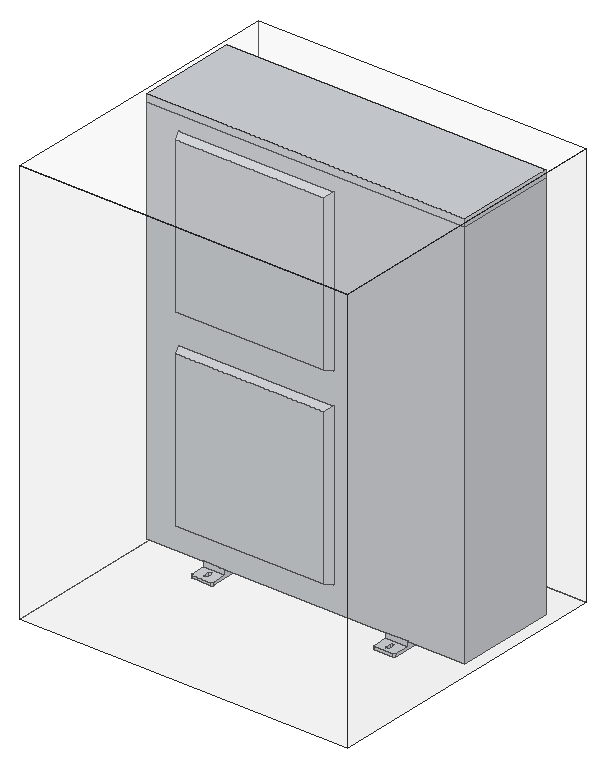
Revit family "puz-dhrmp80_140ka_50Hz", category 機械設備, Revit 2019
Family settings
  丸型コネクタ寸法 = 直径を使用
  パーツ タイプ = 標準
  OmniClass 番号 = 23.75.10.24.21.27.27
  OmniClass タイトル = Split System Air Conditioning Units
  作業面ベース = いいえ
  常に垂直 = はい
  ロード時にボイドで切り取り = いいえ
  共有 = いいえ
  部屋計算ポイント = いいえ
Parameters (values of type "PUZ-DHRMP140KA")
  音響パワーレベル（冷）(dB) = 68
  音響パワーレベル(dB) = 69
  電源種別 = ""
  電源位置Y = 2 mm
  電源位置Z = 1063 mm
  電源位置X = 325 mm
  電圧 = 200 V
  電動機出力_送風機 = 0.12 kW
  電動機出力_圧縮機 = 2.7 kW
  集中コントローラ [instance] = ""
  運転質量 = 0.00 kg
  運転方法 = "冷暖切替"
  質量 = if(製品質量 > 運転質量, 製品質量, 運転質量) * 1.2  # 138.00 kg
  負荷分類 = 1_熱源類
  説明 = "空冷H/P PAC インバータ室外機"
  設計暖房能力 [instance] = 0 kW
  設計冷房能力_顕熱 [instance] = 0 kW
  設計冷房能力 [instance] = 0 kW
  設置方法 = "床置形"
  記号 [instance] = ""
  製造元 = "三菱電機株式会社"
  製品質量 = 115.00 kg
  製品出荷対象 = "国内"
  製品リリース年月 = "2022/10/11"
  製品グループ = ""
  系統 [instance] = ""
  符号 = "PAC"
  積算_科目 = "1 空気調和設備"
  積算_拾い区分 [instance] = ""
  相 = 3
  盤記号 [instance] = ""
  発停方法 = "付属スイッチ"
  特殊仕様 [instance] = ""
  消費電力_暖房 = 3.82 kW
  消費電力_冷房 = 3.69 kW
  消費電力 = if(消費電力_冷房 > 消費電力_暖房, 消費電力_冷房, 消費電力_暖房)  # 3.82 kW
  法定耐用年数 = "6"
  構成品番 = "PUZ-DHRMP140KA"
  極数 = 3
  材質 [instance] = ""
  本体マテリアル = none
  最小電線太さ_mm2 = 1.6
  最大電流値 = 0 A
  暖房能力 = 14 kW
  推奨ブレーカー容量 = 40 A
  据付ピッチ1 = 0 mm
  形式 = "パッケージ形 室外機"
  形名 = PUZ-ZRMP-3 : PUZ-ZRMP112KA11
  幹線記号 [instance] = ""
  始動方式 = "インバータ始動方式"
  呼称 = "パッケージ形空気調和機_室外機"
  周波数 = 50 Hz
  価格 = 1171000
  ドレン　位置Z = 23 mm
  ドレン　位置Y = 176 mm
  ドレン　位置X = 45 mm
  アンカーボルト位置Y = 370 mm
  アンカーボルト位置X = 600 mm
  参照している仕様書等のバージョン = "公共建築物標準仕様書（機械設備工事編）平成31年度版"
  分類コード = "50053003126100"
  分類グループ = ""
  冷房能力 = 12.5 kW
  冷媒管（ガス）位置X = 483 mm
  冷媒管（液）位置X = 423 mm
  冷媒管（液）位置Y = 290 mm
  冷媒管（ガス）位置Y = 234 mm
  冷媒管長 [instance] = 0 mm
  冷媒管径符号 = "Bd"
  冷媒管径 = 100.00 mm
  冷媒管位置Z = 450 mm
  冷媒管位置Y = (冷媒管（液）位置Y + 冷媒管（ガス）位置Y) / 2  # 262 mm
  冷媒管位置X = (冷媒管（液）位置X + 冷媒管（ガス）位置X) / 2  # 453 mm
  冷媒液管径 = 9.52 mm
  冷媒ガス管径 = 15.88 mm
  企業コード = "108420"
  付属品 [instance] = ""
  仕様書バージョン = "Version1.0"
  ユニット数 = 1
  Model = ""
  ドレン管径 = 33.00 mm
  サービススペース = yes
  コメント [instance] = ""
  ケーブル種類1 = ""
  Width = 1050 mm
  Version = ""
  Uniclass2015Version = "Systems v1.9"
  Uniclass2015Title = "Split coil remote air cooled condensing units"
  Uniclass2015Code = "Pr_70_65_03_84"
  URL = "https://www.mitsubishielectric.co.jp/ldg/wink/ssl/displayProduct.do?pid=323623"
  SpecificationReference = ""
  SpecificationDescription = ""
  Revision = ""
  ProductInformation = ""
  OmniClassCode = "23-33 17 13 11"
  IfcTypeProduct = ""
  IfcProduct = ""
  IfcExportType = "AIRCONDITIONINGUNIT"
  IfcExportAs = "IfcUnitaryEquipmentType"
  Height = 1338 mm
  Depth = 330 mm
  Clearance Top = 0 mm
  Clearance Right = 15 mm
  Clearance Left = 15 mm
  Clearance Front = 500 mm
  Clearance Bottom = 0 mm
  Clearance Back = 150 mm
  COP = 0
  Author = "三菱電機株式会社"
  APF = 0
Reference planes
  plane 1 "中心(正面/背面)": y = 74
  plane 2: z = 0
  plane 3 "中心(左/右)": x = 830
  plane 4 "右": x = 1355
  plane 5 "左": x = 305
  plane 6 "背面": y = 239
  plane 7 "正面": y = -91
  plane 8 "上部": z = 1338
  plane 9 "Clearanse Top": z = 1338
  plane 10 "SS_back": y = 389
  plane 11 "SS_front": y = -591
  plane 12 "SS_left": x = 290
  plane 13 "SS_right": x = 1370
  plane 14: z = 0
  plane 15: y = -89
  plane 16: x = 1155
  plane 17: z = 1063
  plane 18: y = -87
  plane 19: y = -23
  plane 20: x = 1283
  plane 21: z = 450
  plane 22: z = 452
  plane 23: y = 63
  plane 24: x = 350
  plane 25: z = 25
  plane 26: z = 23
  plane 27: x = 530
  plane 28: x = 1130
  plane 29: y = 259
  plane 30: y = -111
Forms (mm)
  Extrusion 1, solid, detail levels fine
    sketch origin (0, -91, 0) x (1, 0, 0) y (0, 0, 1)
      loop
        circle (1155, 1063) r 13.5
    from -4 to -2
  Extrusion 2, solid, detail levels fine
    sketch origin (-1437.329, -1524, 54) x (-1, 0, 0) y (0, -1, 0)
      loop
        circle (-2720.329, -1501) r 50
    from 396 to 398
  Extrusion 3, solid, detail levels fine
    sketch origin (-1437.329, -1524, 54) x (-1, 0, 0) y (0, -1, 0)
      loop
        circle (-1787.329, -1587) r 16.5
    from -31 to -29
Lines and regions (mm)
  model lines, not visible
    curve 1: line (460, 178.667, 1289.179) -> (460, 297.73, 1289.179)
    curve 2: line (460, 178.667, 1056.056) -> (460, 178.667, 1289.179)
    curve 3: line (460, 297.73, 1056.056) -> (460, 178.667, 1056.056)
    curve 4: line (460, 297.73, 1289.179) -> (460, 297.73, 1056.056)
    curve 5: line (460, 47.598, 1289.179) -> (460, 166.661, 1289.179)
    curve 6: line (460, 47.598, 1056.056) -> (460, 47.598, 1289.179)
    curve 7: line (460, 166.661, 1056.056) -> (460, 47.598, 1056.056)
    curve 8: line (460, 166.661, 1289.179) -> (460, 166.661, 1056.056)
    curve 9: line (460, -83.471, 1289.179) -> (460, 35.592, 1289.179)
    curve 10: line (460, -83.471, 1056.056) -> (460, -83.471, 1289.179)
    curve 11: line (460, 35.592, 1056.056) -> (460, -83.471, 1056.056)
    curve 12: line (460, 35.592, 1289.179) -> (460, 35.592, 1056.056)
    curve 13: line (460, -150.779, 1289.179) -> (460, -95.75, 1289.179)
    curve 14: line (460, -150.779, 1056.056) -> (460, -150.779, 1289.179)
    curve 15: line (460, -95.75, 1056.056) -> (460, -150.779, 1056.056)
    curve 16: line (460, -95.75, 1289.179) -> (460, -95.75, 1056.056)
    curve 17: line (460, -150.779, 1283.175) -> (460, -132.596, 1283.175)
    curve 18: line (460, -150.779, 1062.059) -> (460, -150.779, 1283.175)
    curve 19: line (460, -132.596, 1062.059) -> (460, -150.779, 1062.059)
    curve 20: line (460, -132.596, 1283.175) -> (460, -132.596, 1062.059)
    curve 21: line (460, 178.667, 1046.051) -> (460, 297.73, 1046.051)
    curve 22: line (460, 178.667, 812.928) -> (460, 178.667, 1046.051)
    curve 23: line (460, 297.73, 812.928) -> (460, 178.667, 812.928)
    curve 24: line (460, 297.73, 1046.051) -> (460, 297.73, 812.928)
    curve 25: line (460, 47.598, 1046.051) -> (460, 166.661, 1046.051)
    curve 26: line (460, 47.598, 812.928) -> (460, 47.598, 1046.051)
    curve 27: line (460, 166.661, 812.928) -> (460, 47.598, 812.928)
    curve 28: line (460, 166.661, 1046.051) -> (460, 166.661, 812.928)
    curve 29: line (460, -83.471, 1046.051) -> (460, 35.592, 1046.051)
    curve 30: line (460, -83.471, 812.928) -> (460, -83.471, 1046.051)
    curve 31: line (460, 35.592, 812.928) -> (460, -83.471, 812.928)
    curve 32: line (460, 35.592, 1046.051) -> (460, 35.592, 812.928)
    curve 33: line (460, -150.779, 1046.051) -> (460, -95.75, 1046.051)
    curve 34: line (460, -150.779, 812.928) -> (460, -150.779, 1046.051)
    curve 35: line (460, -95.75, 812.928) -> (460, -150.779, 812.928)
    curve 36: line (460, -95.75, 1046.051) -> (460, -95.75, 812.928)
    curve 37: line (460, -150.779, 1040.048) -> (460, -132.596, 1040.048)
    curve 38: line (460, -150.779, 818.931) -> (460, -150.779, 1040.048)
    curve 39: line (460, -132.596, 818.931) -> (460, -150.779, 818.931)
    curve 40: line (460, -132.596, 1040.048) -> (460, -132.596, 818.931)
    curve 41: line (460, 178.667, 802.923) -> (460, 297.73, 802.923)
    curve 42: line (460, 178.667, 569.8) -> (460, 178.667, 802.923)
    curve 43: line (460, 297.73, 569.8) -> (460, 178.667, 569.8)
    curve 44: line (460, 297.73, 802.923) -> (460, 297.73, 569.8)
    curve 45: line (460, 47.598, 802.923) -> (460, 166.661, 802.923)
    curve 46: line (460, 47.598, 569.8) -> (460, 47.598, 802.923)
    curve 47: line (460, 166.661, 569.8) -> (460, 47.598, 569.8)
    curve 48: line (460, 166.661, 802.923) -> (460, 166.661, 569.8)
    curve 49: line (460, -83.471, 802.923) -> (460, 35.592, 802.923)
    curve 50: line (460, -83.471, 569.8) -> (460, -83.471, 802.923)
    curve 51: line (460, 35.592, 569.8) -> (460, -83.471, 569.8)
    curve 52: line (460, 35.592, 802.923) -> (460, 35.592, 569.8)
    curve 53: line (460, -150.779, 802.923) -> (460, -95.75, 802.923)
    curve 54: line (460, -150.779, 569.8) -> (460, -150.779, 802.923)
    curve 55: line (460, -95.75, 569.8) -> (460, -150.779, 569.8)
    curve 56: line (460, -95.75, 802.923) -> (460, -95.75, 569.8)
    curve 57: line (460, -150.779, 796.92) -> (460, -132.596, 796.92)
    curve 58: line (460, -150.779, 575.803) -> (460, -150.779, 796.92)
    curve 59: line (460, -132.596, 575.803) -> (460, -150.779, 575.803)
    curve 60: line (460, -132.596, 796.92) -> (460, -132.596, 575.803)
    curve 61: line (460, 178.667, 559.795) -> (460, 297.73, 559.795)
    curve 62: line (460, 178.667, 326.672) -> (460, 178.667, 559.795)
    curve 63: line (460, 297.73, 326.672) -> (460, 178.667, 326.672)
    curve 64: line (460, 297.73, 559.795) -> (460, 297.73, 326.672)
    curve 65: line (460, 47.598, 559.795) -> (460, 166.661, 559.795)
    curve 66: line (460, 47.598, 326.672) -> (460, 47.598, 559.795)
    curve 67: line (460, 166.661, 326.672) -> (460, 47.598, 326.672)
    curve 68: line (460, 166.661, 559.795) -> (460, 166.661, 326.672)
    curve 69: line (460, -83.471, 559.795) -> (460, 35.592, 559.795)
    curve 70: line (460, -83.471, 326.672) -> (460, -83.471, 559.795)
    curve 71: line (460, 35.592, 326.672) -> (460, -83.471, 326.672)
    curve 72: line (460, 35.592, 559.795) -> (460, 35.592, 326.672)
    curve 73: line (460, -150.779, 559.795) -> (460, -95.75, 559.795)
    curve 74: line (460, -150.779, 326.672) -> (460, -150.779, 559.795)
    curve 75: line (460, -95.75, 326.672) -> (460, -150.779, 326.672)
    curve 76: line (460, -95.75, 559.795) -> (460, -95.75, 326.672)
    curve 77: line (460, -150.779, 553.792) -> (460, -132.596, 553.792)
    curve 78: line (460, -150.779, 332.675) -> (460, -150.779, 553.792)
    curve 79: line (460, -132.596, 332.675) -> (460, -150.779, 332.675)
    curve 80: line (460, -132.596, 553.792) -> (460, -132.596, 332.675)
    curve 81: line (460, 178.667, 316.667) -> (460, 297.73, 316.667)
    curve 82: line (460, 178.667, 83.544) -> (460, 178.667, 316.667)
    curve 83: line (460, 297.73, 83.544) -> (460, 178.667, 83.544)
    curve 84: line (460, 297.73, 316.667) -> (460, 297.73, 83.544)
    curve 85: line (460, 47.598, 316.667) -> (460, 166.661, 316.667)
    curve 86: line (460, 47.598, 83.544) -> (460, 47.598, 316.667)
    curve 87: line (460, 166.661, 83.544) -> (460, 47.598, 83.544)
    curve 88: line (460, 166.661, 316.667) -> (460, 166.661, 83.544)
    curve 89: line (460, -83.471, 316.667) -> (460, 35.592, 316.667)
    curve 90: line (460, -83.471, 83.544) -> (460, -83.471, 316.667)
    curve 91: line (460, 35.592, 83.544) -> (460, -83.471, 83.544)
    curve 92: line (460, 35.592, 316.667) -> (460, 35.592, 83.544)
    curve 93: line (460, -150.779, 316.667) -> (460, -95.75, 316.667)
    curve 94: line (460, -150.779, 83.544) -> (460, -150.779, 316.667)
    curve 95: line (460, -95.75, 83.544) -> (460, -150.779, 83.544)
    curve 96: line (460, -95.75, 316.667) -> (460, -95.75, 83.544)
    curve 97: line (460, -150.779, 310.664) -> (460, -132.596, 310.664)
    curve 98: line (460, -150.779, 89.547) -> (460, -150.779, 310.664)
    curve 99: line (460, -132.596, 89.547) -> (460, -150.779, 89.547)
    curve 100: line (460, -132.596, 310.664) -> (460, -132.596, 89.547)
Dimensions and locks
  equal spacing: plane 7 "正面", plane 1 "中心(正面/背面)", plane 6 "背面"
  "Depth": plane 7 "正面" to plane 6 "背面"
  "Width": plane 5 "左" to plane 4 "右"
  equal spacing: plane 5 "左", plane 3 "中心(左/右)", plane 4 "右"
  "Clearance Left": plane 12 "SS_left" to plane 5 "左"
  "Clearance Right": plane 4 "右" to plane 13 "SS_right"
  "Clearance Back": plane 6 "背面" to plane 10 "SS_back"
  "Clearance Front": plane 11 "SS_front" to plane 7 "正面"
  "Height": plane 8 "上部" to level
  "Clearance Top": plane 9 "Clearanse Top" to plane 8 "上部"
  "Clearance Bottom": level to plane 14
  "電源位置X": plane 3 "中心(左/右)" to plane 16
  "電源位置Y": plane 7 "正面" to plane 15
  "電源位置Z": plane 17 to level
  locked: plane 15 to plane 18 at 2
  "冷媒管位置X": plane 3 "中心(左/右)" to plane 20
  "冷媒管位置Y": plane 19 to plane 6 "背面"
  "冷媒管位置Z": plane 21 to level
  locked: plane 22 to plane 21 at 2
  "ドレン　位置X": plane 5 "左" to plane 24
  "ドレン　位置Y": plane 23 to plane 6 "背面"
  locked: plane 25 to plane 26 at 2
  "ドレン　位置Z": plane 26 to level
  equal spacing: plane 30, plane 1 "中心(正面/背面)", plane 29
  "アンカーボルト位置Y": plane 30 to plane 29
  equal spacing: plane 27, plane 3 "中心(左/右)", plane 28
  "アンカーボルト位置X": plane 27 to plane 28
  radius of Extrusion 1 sketch curve = 13.5 mm
  "冷媒管径": diameter of Extrusion 2 sketch curve
  "ドレン管径": diameter of Extrusion 3 sketch curve
  aligned and locked: level to plane 2
  aligned and locked: plane 10 "SS_back" to nested 1  (x2)
  aligned and locked: plane 13 "SS_right" to nested 1
  aligned and locked: plane 12 "SS_left" to nested 1  (x2)
  aligned and locked: nested 1 to plane 13 "SS_right"
  aligned and locked: plane 11 "SS_front" to nested 1
  aligned and locked: plane 9 "Clearanse Top" to nested 1
  aligned and locked: plane 1 "中心(正面/背面)" to nested 2
  aligned and locked: plane 3 "中心(左/右)" to nested 2
  aligned and locked: plane 14 to nested 1
  aligned and locked: plane 17 to Extrusion 1 sketch curve
  aligned and locked: plane 16 to Extrusion 1 sketch curve
  aligned and locked: Extrusion 1 to plane 18
  aligned and locked: plane 15 to Extrusion 1
  aligned and locked: plane 19 to Extrusion 2 sketch curve
  aligned and locked: plane 20 to Extrusion 2 sketch curve
  aligned and locked: plane 22 to Extrusion 2
  aligned and locked: Extrusion 2 to plane 21
  aligned and locked: plane 24 to Extrusion 3 sketch curve
  aligned and locked: plane 23 to Extrusion 3 sketch curve
  aligned and locked: plane 25 to Extrusion 3
  aligned and locked: Extrusion 3 to plane 26
  aligned and locked: plane 27 to nested 3
  aligned and locked: plane 29 to nested 3
Nested families
  nested 1: "サービススペース" at (830, -101, 669), visible <- "サービススペース", type "サービススペース"
    with Width 1080 mm, Height 1338 mm, Depth 980 mm
  nested 2: "PUZ-ZRMP-3" at (830, 74, 0), type <- "形名", type "PUZ-ZRMP112KA11"
  nested 3: "固定点" at (530, -111, 0), type "固定点"
    with W 600 mm, D 370 mm
Connectors
  piping at (1283, -23, 450), diameter 100, driven by "冷媒管径", driven by "冷媒管径符号"
    settings: on Extrusion 2, index 1, connector inside diameter 609.60 mm, connector length 0 mm, flow factor 0, pipe flow 0.0 L/s, pressure drop 0.0 Pa, fitting loss kfactor 0, connector angle 0.00°, fixture units 0, engagement length 0 mm, angle of deflection 0.00°, flow configuration 1, flow direction 2, fitting loss method 4, system type 7, joint type 0, gender type 0, connector reference index -1, connector utility 0, adjustable connector no, is connector primary yes, connector description "Bd"
  electrical at (1155, -89, 1063), driven by "極数", driven by "負荷分類", driven by "電圧", driven by "消費電力"
    settings: on Extrusion 1, index 2, voltage 200 V, apparent load 3820 VA, apparent load phase1 0 VA, apparent load phase2 0 VA, apparent load phase3 0 VA, power factor 1, load classification "1_熱源類", number of poles 3, system type 30, power factor state 1, is connector primary yes, connector utility no, sub classification motor no, connector description ""
Definition of nested family "サービススペース"
  Parameters (values of type "サービススペース")
    Width [instance] = 500 mm
    Height [instance] = 500 mm
    Depth [instance] = 500 mm
  Reference planes
    plane 1 "中心(正面/背面)": y = 0
    plane 2: z = 0
    plane 3 "中心(左/右)": x = 0
    plane 4: y = -250
    plane 5: x = 250
    plane 6: y = 250
    plane 7: x = -250
    plane 8: z = 250
    plane 9: z = -250
  Forms (mm)
    Extrusion 1, solid
      sketch origin (-638.939, 0, 72.39) x (1, 0, 0) y (0, 1, 0)
        loop
          line (388.939, 250) -> (388.939, -250) -> (888.939, -250) -> (888.939, 250) -> (388.939, 250)
      from -322.39 to 177.61
  Lines and regions (mm)
    symbolic lines
      curve 1: line (-250, 0, 250) -> (250, 0, 250)
      curve 2: line (-250, 0, -250) -> (-250, 0, 250)
      curve 3: line (250, 0, -250) -> (-250, 0, -250)
      curve 4: line (250, 0, 250) -> (250, 0, -250)
      curve 5: line (0, -250, 250) -> (0, 250, 250)
      curve 6: line (0, -250, -250) -> (0, -250, 250)
      curve 7: line (0, 250, -250) -> (0, -250, -250)
      curve 8: line (0, 250, 250) -> (0, 250, -250)
      curve 9: line (-250, 250, 0) -> (250, 250, 0)
      curve 10: line (-250, -250, 0) -> (-250, 250, 0)
      curve 11: line (250, -250, 0) -> (-250, -250, 0)
      curve 12: line (250, 250, 0) -> (250, -250, 0)
  Dimensions and locks
    equal spacing: plane 7, plane 3 "中心(左/右)", plane 5
    equal spacing: plane 4, plane 1 "中心(正面/背面)", plane 6
    "Depth": plane 4 to plane 6
    "Width": plane 7 to plane 5
    equal spacing: plane 8, plane 2, plane 9
    "Height": plane 8 to plane 9
    aligned and locked: plane 9 to curve 3
    aligned and locked: plane 7 to curve 2
    aligned and locked: curve 4 to plane 5
    aligned and locked: plane 5 to Extrusion 1
    aligned and locked: Extrusion 1 to plane 7
    aligned and locked: Extrusion 1 to plane 9
    aligned and locked: plane 8 to Extrusion 1
    aligned and locked: plane 9 to curve 7
  Automatic sketch dimensions
    plane 4 to Extrusion 1 sketch curve = 0 mm
    Extrusion 1 sketch curve to plane 7 = 0 mm
    Extrusion 1 sketch curve to plane 5 = 0 mm
    plane 6 to Extrusion 1 sketch curve = 0 mm
    curve 2 to plane 8 = 0 mm
    plane 4 to curve 11 = 0 mm
    curve 11 to plane 7 = 0 mm
    curve 11 to plane 5 = 0 mm
    plane 6 to curve 10 = 0 mm
    curve 7 to plane 4 = 0 mm
    curve 7 to plane 6 = 0 mm
    curve 6 to plane 8 = 0 mm
Definition of nested family "PUZ-ZRMP-3"
  Parameters (values of type "PUZ-ZRMP112KA11")
    配線取出口サイズ = 27 mm
    配線取出口-Z = 1063 mm
    配線取出口-Y = 325 mm
    配線取出口-X = 325 mm
    液配管サイズ = 100 mm
    高さ = 1338 mm
    換気-W = 362 mm
    換気-H2 = 632 mm
    換気-H1 = 369 mm
    換気-D = 25 mm
    奥行き = 330 mm
    吊りボルト_H = 0 mm
    吊りボルト-φ = 12 mm
    冷媒配管サイズ = 9.52 mm
    冷媒液管径-Z = 450 mm
    冷媒液管径-Y = 290 mm
    冷媒液管径-X = 423 mm
    冷媒ガス管径-Z = 421 mm
    冷媒ガス管径-Y = 234 mm
    冷媒ガス管径-X = 483 mm
    吊りボルト-W = 600 mm
    マテリアル = none
    ドレン配管サイズ = 33 mm
    ドレン管径-Z = 0 mm
    ドレン管径-Y = 154 mm
    ドレン管径-X = 480 mm
    タイプ3 = yes
    タイプ2 = no
    タイプ1 = no
    ガス配管サイズ = 15.88 mm
    吊りボルト-D = 370 mm
    幅さ = 1050 mm
    a = 幅さ / 2  # 525 mm
  Reference planes
    plane 1 "中心(正面/背面)": y = 0
    plane 2: z = 0
    plane 3 "中心(左/右)": x = 0
    plane 4: z = 1338
    plane 5: x = -525
    plane 6: x = 525
    plane 7: y = 165
    plane 8: y = -165
    plane 9: x = 587
    plane 10: y = -105
    plane 11: y = 5
    plane 12: z = 1313
    plane 13: x = -545
    plane 14: x = -300
    plane 15: x = 300
    plane 16: y = 185
    plane 17: y = -185
    plane 18: x = 335
    plane 19: x = 265
    plane 20: x = -265
    plane 21: x = -335
    plane 22: y = 204
    plane 23: y = -218
    plane 24: z = 8.5
    plane 25: z = 25
    plane 26: z = 23
    plane 27: z = 1333
    plane 28: y = -40
    plane 29: y = 40
    plane 30: y = -30
    plane 31: y = 30
    plane 32: z = 1318
    plane 33: z = 55
    plane 34: z = 225
    plane 35: z = 570
    plane 36: x = 535
    plane 37: x = 556
    plane 38: y = -190
    plane 39: x = -163
    plane 40: z = 369
    plane 41: x = 91
    plane 42: x = -417
    plane 43: z = 633
    plane 44: z = 105
    plane 45: x = -407
    plane 46: x = 81
    plane 47: z = 623
    plane 48: z = 115
    plane 49: y = 115
    plane 50: y = -115
    plane 51: x = -480
    plane 52: y = -11
    plane 53: x = 483
    plane 54: x = 325
    plane 55: y = -160
    plane 56: y = -125
    plane 57: y = -69
    plane 58: x = 423
    plane 59: z = 421
    plane 60: z = 450
    plane 61: z = 1063
    plane 62: y = -110
    plane 63: z = 550
    plane 64: z = 550
    plane 65: x = 453
    plane 66: y = -97
    plane 67 "グループ": x = -525
    plane 68: z = 1338
    plane 69: z = 943
    plane 70: z = 1001
    plane 71: z = 1265
    plane 72: z = 737
    plane 73: z = 1255
    plane 74: z = 747
    plane 75: y = 125
    plane 76: x = -370
    plane 77: x = -210
    plane 78: x = -50
    plane 79: x = 110
  Forms (mm)
    Extrusion 1, solid, visible <- "タイプ3", detail levels fine
      sketch origin (-1437.329, -1524, 1338) x (-1, 0, 0) y (0, -1, 0)
        loop
          line (-1102.329, -1689) -> (-1102.329, -1359) -> (-1172.329, -1359) -> (-1172.329, -1689) -> (-1102.329, -1689)
        loop
          line (-1702.329, -1689) -> (-1702.329, -1359) -> (-1772.329, -1359) -> (-1772.329, -1689) -> (-1702.329, -1689)
      from -1338 to -1313
    Extrusion 2, solid, material <- "マテリアル", visible <- "タイプ3", detail levels fine
      sketch origin (-1437.329, -1524, 1338) x (-1, 0, 0) y (0, -1, 0)
        loop
          line (-1962.329, -1689) -> (-912.329, -1689) -> (-912.329, -1359) -> (-1962.329, -1359) -> (-1962.329, -1689)
      from -1313 to -25
    Extrusion 3, solid, material <- "マテリアル", visible <- "タイプ3", detail levels fine
      sketch origin (-1437.329, -1524, 1338) x (-1, 0, 0) y (0, -1, 0)
        loop
          line (-912.329, -1689) -> (-912.329, -1359) -> (-1962.329, -1359) -> (-1962.329, -1689) -> (-912.329, -1689)
      from -25 to 0
    Blend 4, solid, material <- "マテリアル", visible <- "タイプ3", detail levels fine
      base sketch origin (0, 0, 0) x (1, 0, 0) y (0, 0, 1)
        loop
          line (-417, 633) -> (-417, 105) -> (91, 105) -> (91, 633) -> (-417, 633)
      top sketch origin (0, 0, 0) x (1, 0, 0) y (0, 0, 1)
        loop
          line (-407, 623) -> (-407, 115) -> (81, 115) -> (81, 623) -> (-407, 623)
      from 165 to 190
    Extrusion 5, solid, material <- "マテリアル", visible <- "タイプ3", detail levels fine
      sketch origin (-1437.329, -1524, 1338) x (-1, 0, 0) y (0, -1, 0)
        loop
          circle (-1920.329, -1455) r 7.94
      from -917 to -788
    Extrusion 6, solid, material <- "マテリアル", visible <- "タイプ3", detail levels fine
      sketch origin (-1437.329, -1524, 1338) x (-1, 0, 0) y (0, -1, 0)
        loop
          circle (-1860.329, -1399) r 4.76
      from -888 to -788
    Extrusion 7, solid, material <- "マテリアル", visible <- "タイプ3", detail levels fine
      sketch origin (1480.036, -190, 1200) x (1, 0, 0) y (0, 0, 1)
        loop
          circle (-1155.036, -137) r 13.5
      from -80 to -30
    Extrusion 8, solid, material <- "マテリアル", visible <- "タイプ3", detail levels fine
      sketch origin (-1437.329, -1524, 1338) x (-1, 0, 0) y (0, -1, 0)
        loop
          circle (-1890.329, -1427) r 50
      from -888 to -788
    Blend 9, solid, material <- "マテリアル", visible <- "タイプ3", detail levels fine
      base sketch origin (1480.036, -190, 1200) x (1, 0, 0) y (0, 0, 1)
        loop
          line (-1897.036, 65) -> (-1897.036, -463) -> (-1389.036, -463) -> (-1389.036, 65) -> (-1897.036, 65)
      top sketch origin (1480.036, -190, 1200) x (1, 0, 0) y (0, 0, 1)
        loop
          line (-1887.036, 55) -> (-1887.036, -453) -> (-1399.036, -453) -> (-1399.036, 55) -> (-1887.036, 55)
      from -25 to 0
    Extrusion 10, solid, visible <- "タイプ3", detail levels fine
      sketch origin (-1437.329, -1524, 1338) x (-1, 0, 0) y (0, -1, 0)
        loop
          line (-1102.329, -1728) -> (-1102.329, -1689) -> (-1172.329, -1689) -> (-1172.329, -1728) -> (-1143.329, -1728) -> (-1143.329, -1709)
          arc (-1143.329, -1709) -> (-1137.329, -1703) -> (-1131.329, -1709) r 6
          line (-1131.329, -1709) -> (-1131.329, -1728) -> (-1102.329, -1728)
        loop
          line (-1102.329, -1359) -> (-1102.329, -1311)
          arc (-1102.329, -1311) -> (-1103.794, -1307.464) -> (-1107.329, -1306) r 5
          line (-1107.329, -1306) -> (-1167.329, -1306)
          arc (-1167.329, -1306) -> (-1170.865, -1307.464) -> (-1172.329, -1311) r 5
          line (-1172.329, -1311) -> (-1172.329, -1359) -> (-1102.329, -1359)
        loop
          arc (-1143.329, -1339) -> (-1137.329, -1345) -> (-1131.329, -1339) r 6
          line (-1131.329, -1339) -> (-1131.329, -1324)
          arc (-1131.329, -1324) -> (-1137.329, -1318) -> (-1143.329, -1324) r 6
          line (-1143.329, -1324) -> (-1143.329, -1339)
        loop
          line (-1772.329, -1728) -> (-1743.329, -1728) -> (-1743.329, -1709)
          arc (-1743.329, -1709) -> (-1737.329, -1703) -> (-1731.329, -1709) r 6
          line (-1731.329, -1709) -> (-1731.329, -1728) -> (-1702.329, -1728) -> (-1702.329, -1689) -> (-1772.329, -1689) -> (-1772.329, -1728)
        loop
          line (-1772.329, -1359) -> (-1702.329, -1359) -> (-1702.329, -1311)
          arc (-1702.329, -1311) -> (-1703.794, -1307.464) -> (-1707.329, -1306) r 5
          line (-1707.329, -1306) -> (-1767.329, -1306)
          arc (-1767.329, -1306) -> (-1770.865, -1307.464) -> (-1772.329, -1311) r 5
          line (-1772.329, -1311) -> (-1772.329, -1359)
        loop
          line (-1731.329, -1339) -> (-1731.329, -1324)
          arc (-1731.329, -1324) -> (-1737.329, -1318) -> (-1743.329, -1324) r 6
          line (-1743.329, -1324) -> (-1743.329, -1339)
          arc (-1743.329, -1339) -> (-1737.329, -1345) -> (-1731.329, -1339) r 6
      from -1338 to -1329.5
    Extrusion 11, solid, material <- "マテリアル", visible <- "タイプ3", detail levels fine
      sketch origin (-1437.329, -1524, 1338) x (-1, 0, 0) y (0, -1, 0)
        loop
          circle (-957.329, -1513) r 16.5
        loop
          circle (-1067.329, -1649) r 16.5
        loop
          circle (-1227.329, -1649) r 16.5
        loop
          circle (-1387.329, -1649) r 16.5
        loop
          circle (-1547.329, -1649) r 16.5
      from -1315 to -1313
  Cuts and joins
    joined: Extrusion 1, Extrusion 10
  Lines and regions (mm)
    Masking region 1, visible <- "タイプ3", detail levels coarse+medium
      outline origin (-1437.329, -1524, 1338) x (-1, 0, 0) y (0, -1, 0)
        loop
          line (-1962.329, -1689) -> (-1772.329, -1689) -> (-1772.329, -1728) -> (-1702.329, -1728) -> (-1702.329, -1689) -> (-1172.329, -1689) -> (-1172.329, -1728) -> (-1102.329, -1728) -> (-1102.329, -1689) -> (-912.329, -1689) -> (-912.329, -1359) -> (-1020.329, -1359) -> (-1030.329, -1334) -> (-1102.329, -1334) -> (-1102.329, -1306) -> (-1172.329, -1306) -> (-1172.329, -1334) -> (-1518.329, -1334) -> (-1528.329, -1359) -> (-1702.329, -1359) -> (-1702.329, -1306) -> (-1772.329, -1306) -> (-1772.329, -1359) -> (-1962.329, -1359) -> (-1962.329, -1689)
    model lines, visible <- "タイプ3", detail levels fine
      curve 1: line (447, 115, 1338) -> (-445, 115, 1338)
      curve 2: line (-445, -115, 1338) -> (447, -115, 1338)
      curve 3: line (-445, -45, 1338) -> (447, -45, 1338)
      curve 4: line (447, 45, 1338) -> (-445, 45, 1338)
      curve 5: line (-445, -35, 1338) -> (447, -35, 1338)
      curve 6: line (447, 35, 1338) -> (-445, 35, 1338)
      curve 7: line (-445, 115, 1338) -> (-445, 45, 1338)
      curve 8: line (447, -115, 1338) -> (447, -45, 1338)
      curve 9: line (-445, 35, 1338) -> (-445, -35, 1338)
      curve 10: line (-445, -45, 1338) -> (-445, -115, 1338)
      curve 11: line (447, -35, 1338) -> (447, 35, 1338)
      curve 12: line (447, 45, 1338) -> (447, 115, 1338)
      curve 13: line (479, -115, 1338) -> (479, 115, 1338)
      curve 14: line (462, -115, 1338) -> (462, 115, 1338)
      curve 15: line (-475, 115, 1338) -> (-475, -115, 1338)
      curve 16: line (-460, 115, 1338) -> (-460, -115, 1338)
      curve 17: line (-460, 115, 1338) -> (-475, 115, 1338)
      curve 18: line (-460, -115, 1338) -> (-475, -115, 1338)
      curve 19: line (462, 115, 1338) -> (479, 115, 1338)
      curve 20: line (462, -115, 1338) -> (479, -115, 1338)
      curve 21: line (-407, -190, 416.5) -> (81, -190, 416.5)
      curve 22: line (81, -190, 321.5) -> (-407, -190, 321.5)
      curve 23: line (-407, -190, 511.5) -> (81, -190, 511.5)
      curve 24: line (-407, -190, 606.5) -> (81, -190, 606.5)
      curve 25: line (81, -190, 226.5) -> (-407, -190, 226.5)
      curve 26: line (81, -190, 131.5) -> (-407, -190, 131.5)
      curve 27: line (-389.571, -190, 623) -> (-389.571, -190, 115)
      curve 28: line (63.571, -190, 115) -> (63.571, -190, 623)
      curve 29: line (-372.143, -190, 623) -> (-372.143, -190, 115)
      curve 30: line (-354.714, -190, 623) -> (-354.714, -190, 115)
      curve 31: line (-337.286, -190, 623) -> (-337.286, -190, 115)
      curve 32: line (-319.857, -190, 623) -> (-319.857, -190, 115)
      curve 33: line (-302.429, -190, 623) -> (-302.429, -190, 115)
      curve 34: line (-285, -190, 623) -> (-285, -190, 115)
      curve 35: line (-267.571, -190, 623) -> (-267.571, -190, 115)
      curve 36: line (-250.143, -190, 623) -> (-250.143, -190, 115)
      curve 37: line (-232.714, -190, 623) -> (-232.714, -190, 115)
      curve 38: line (-215.286, -190, 623) -> (-215.286, -190, 115)
      curve 39: line (-197.857, -190, 623) -> (-197.857, -190, 115)
      curve 40: line (-180.429, -190, 623) -> (-180.429, -190, 115)
      curve 41: line (-163, -190, 623) -> (-163, -190, 115)
      curve 42: line (-145.571, -190, 623) -> (-145.571, -190, 115)
      curve 43: line (-128.143, -190, 623) -> (-128.143, -190, 115)
      curve 44: line (-110.714, -190, 623) -> (-110.714, -190, 115)
      curve 45: line (-93.286, -190, 623) -> (-93.286, -190, 115)
      curve 46: line (-75.857, -190, 623) -> (-75.857, -190, 115)
      curve 47: line (-58.429, -190, 623) -> (-58.429, -190, 115)
      curve 48: line (-41, -190, 623) -> (-41, -190, 115)
      curve 49: line (-23.571, -190, 623) -> (-23.571, -190, 115)
      curve 50: line (-6.143, -190, 623) -> (-6.143, -190, 115)
      curve 51: line (11.286, -190, 623) -> (11.286, -190, 115)
      curve 52: line (28.714, -190, 623) -> (28.714, -190, 115)
      curve 53: line (46.143, -190, 623) -> (46.143, -190, 115)
      curve 54: line (-525, -100, 87) -> (-525, -60, 87)
      curve 55: line (-525, -100, 277) -> (-525, -100, 87)
      curve 56: line (-525, -60, 277) -> (-525, -100, 277)
      curve 57: line (-525, -60, 87) -> (-525, -60, 277)
      curve 58: line (-525, -100, 292) -> (-525, -60, 292)
      curve 59: line (-525, -100, 482) -> (-525, -100, 292)
      curve 60: line (-525, -60, 482) -> (-525, -100, 482)
      curve 61: line (-525, -60, 292) -> (-525, -60, 482)
      curve 62: line (-525, -100, 497) -> (-525, -60, 497)
      curve 63: line (-525, -100, 687) -> (-525, -100, 497)
      curve 64: line (-525, -60, 687) -> (-525, -100, 687)
      curve 65: line (-525, -60, 497) -> (-525, -60, 687)
      curve 66: line (-525, -100, 702) -> (-525, -60, 702)
      curve 67: line (-525, -100, 892) -> (-525, -100, 702)
      curve 68: line (-525, -60, 892) -> (-525, -100, 892)
      curve 69: line (-525, -60, 702) -> (-525, -60, 892)
      curve 70: line (-525, 60, 87) -> (-525, 100, 87)
      curve 71: line (-525, 60, 277) -> (-525, 60, 87)
      curve 72: line (-525, 100, 277) -> (-525, 60, 277)
      curve 73: line (-525, 100, 87) -> (-525, 100, 277)
      curve 74: line (-525, -46.667, 87) -> (-525, -6.667, 87)
      curve 75: line (-525, -46.667, 277) -> (-525, -46.667, 87)
      curve 76: line (-525, -6.667, 277) -> (-525, -46.667, 277)
      curve 77: line (-525, -6.667, 87) -> (-525, -6.667, 277)
      curve 78: line (-525, 6.667, 87) -> (-525, 46.667, 87)
      curve 79: line (-525, 6.667, 277) -> (-525, 6.667, 87)
      curve 80: line (-525, 46.667, 277) -> (-525, 6.667, 277)
      curve 81: line (-525, 46.667, 87) -> (-525, 46.667, 277)
      curve 82: line (-525, 60, 292) -> (-525, 100, 292)
      curve 83: line (-525, 60, 482) -> (-525, 60, 292)
      curve 84: line (-525, 100, 482) -> (-525, 60, 482)
      curve 85: line (-525, 100, 292) -> (-525, 100, 482)
      curve 86: line (-525, 60, 702) -> (-525, 100, 702)
      curve 87: line (-525, 60, 892) -> (-525, 60, 702)
      curve 88: line (-525, 100, 892) -> (-525, 60, 892)
      curve 89: line (-525, 100, 702) -> (-525, 100, 892)
      curve 90: line (-525, -46.667, 292) -> (-525, -6.667, 292)
      curve 91: line (-525, -46.667, 482) -> (-525, -46.667, 292)
      curve 92: line (-525, -6.667, 482) -> (-525, -46.667, 482)
      curve 93: line (-525, -6.667, 292) -> (-525, -6.667, 482)
      curve 94: line (-525, -46.667, 497) -> (-525, -6.667, 497)
      curve 95: line (-525, -46.667, 687) -> (-525, -46.667, 497)
      curve 96: line (-525, -6.667, 687) -> (-525, -46.667, 687)
      curve 97: line (-525, -6.667, 497) -> (-525, -6.667, 687)
      curve 98: line (-525, -46.667, 702) -> (-525, -6.667, 702)
      curve 99: line (-525, -46.667, 892) -> (-525, -46.667, 702)
      curve 100: line (-525, -6.667, 892) -> (-525, -46.667, 892)
      curve 101: line (-525, -6.667, 702) -> (-525, -6.667, 892)
      curve 102: line (-525, 6.667, 292) -> (-525, 46.667, 292)
      curve 103: line (-525, 6.667, 482) -> (-525, 6.667, 292)
      curve 104: line (-525, 46.667, 482) -> (-525, 6.667, 482)
      curve 105: line (-525, 46.667, 292) -> (-525, 46.667, 482)
      curve 106: line (-525, 6.667, 497) -> (-525, 46.667, 497)
      curve 107: line (-525, 6.667, 687) -> (-525, 6.667, 497)
      curve 108: line (-525, 46.667, 687) -> (-525, 6.667, 687)
      curve 109: line (-525, 46.667, 497) -> (-525, 46.667, 687)
      curve 110: line (-525, 6.667, 702) -> (-525, 46.667, 702)
      curve 111: line (-525, 6.667, 892) -> (-525, 6.667, 702)
      curve 112: line (-525, 46.667, 892) -> (-525, 6.667, 892)
      curve 113: line (-525, 46.667, 702) -> (-525, 46.667, 892)
      curve 114: line (-525, -100, 907) -> (-525, -60, 907)
      curve 115: line (-525, -100, 1097) -> (-525, -100, 907)
      curve 116: line (-525, -60, 1097) -> (-525, -100, 1097)
      curve 117: line (-525, -60, 907) -> (-525, -60, 1097)
      curve 118: line (-525, 60, 907) -> (-525, 100, 907)
      curve 119: line (-525, 60, 1097) -> (-525, 60, 907)
      curve 120: line (-525, 100, 1097) -> (-525, 60, 1097)
      curve 121: line (-525, 100, 907) -> (-525, 100, 1097)
      curve 122: line (-525, -46.667, 907) -> (-525, -6.667, 907)
      curve 123: line (-525, -46.667, 1097) -> (-525, -46.667, 907)
      curve 124: line (-525, -6.667, 1097) -> (-525, -46.667, 1097)
      curve 125: line (-525, -6.667, 907) -> (-525, -6.667, 1097)
      curve 126: line (-525, 6.667, 907) -> (-525, 46.667, 907)
      curve 127: line (-525, 6.667, 1097) -> (-525, 6.667, 907)
      curve 128: line (-525, 46.667, 1097) -> (-525, 6.667, 1097)
      curve 129: line (-525, 46.667, 907) -> (-525, 46.667, 1097)
      curve 130: line (-525, -100, 1112) -> (-525, -60, 1112)
      curve 131: line (-525, -100, 1302) -> (-525, -100, 1112)
      curve 132: line (-525, -60, 1302) -> (-525, -100, 1302)
      curve 133: line (-525, -60, 1112) -> (-525, -60, 1302)
      curve 134: line (-525, 60, 1112) -> (-525, 100, 1112)
      curve 135: line (-525, 60, 1302) -> (-525, 60, 1112)
      curve 136: line (-525, 100, 1302) -> (-525, 60, 1302)
      curve 137: line (-525, 100, 1112) -> (-525, 100, 1302)
      curve 138: line (-525, -46.667, 1112) -> (-525, -6.667, 1112)
      curve 139: line (-525, -46.667, 1302) -> (-525, -46.667, 1112)
      curve 140: line (-525, -6.667, 1302) -> (-525, -46.667, 1302)
      curve 141: line (-525, -6.667, 1112) -> (-525, -6.667, 1302)
      curve 142: line (-525, 6.667, 1112) -> (-525, 46.667, 1112)
      curve 143: line (-525, 6.667, 1302) -> (-525, 6.667, 1112)
      curve 144: line (-525, 46.667, 1302) -> (-525, 6.667, 1302)
      curve 145: line (-525, 46.667, 1112) -> (-525, 46.667, 1302)
      curve 303: line (81, -190, 1238.5) -> (-407, -190, 1238.5)
      curve 304: line (-407, -190, 763.5) -> (81, -190, 763.5)
      curve 305: line (-389.571, -190, 1255) -> (-389.571, -190, 747)
      curve 306: line (81, -190, 858.5) -> (-407, -190, 858.5)
      curve 307: line (81, -190, 1143.5) -> (-407, -190, 1143.5)
      curve 308: line (81, -190, 1048.5) -> (-407, -190, 1048.5)
      curve 309: line (-407, -190, 953.5) -> (81, -190, 953.5)
      curve 310: line (-372.143, -190, 1255) -> (-372.143, -190, 747)
      curve 311: line (-354.714, -190, 1255) -> (-354.714, -190, 747)
      curve 312: line (-337.286, -190, 1255) -> (-337.286, -190, 747)
      curve 313: line (-319.857, -190, 1255) -> (-319.857, -190, 747)
      curve 314: line (-302.429, -190, 1255) -> (-302.429, -190, 747)
      curve 315: line (-285, -190, 1255) -> (-285, -190, 747)
      curve 316: line (-267.571, -190, 1255) -> (-267.571, -190, 747)
      curve 317: line (-250.143, -190, 1255) -> (-250.143, -190, 747)
      curve 318: line (-232.714, -190, 1255) -> (-232.714, -190, 747)
      curve 319: line (-215.286, -190, 1255) -> (-215.286, -190, 747)
      curve 320: line (-197.857, -190, 1255) -> (-197.857, -190, 747)
      curve 321: line (-180.429, -190, 1255) -> (-180.429, -190, 747)
      curve 322: line (-163, -190, 1255) -> (-163, -190, 747)
      curve 323: line (-145.571, -190, 1255) -> (-145.571, -190, 747)
      curve 324: line (-128.143, -190, 1255) -> (-128.143, -190, 747)
      curve 325: line (-110.714, -190, 1255) -> (-110.714, -190, 747)
      curve 326: line (-93.286, -190, 1255) -> (-93.286, -190, 747)
      curve 327: line (-75.857, -190, 1255) -> (-75.857, -190, 747)
      curve 328: line (-58.429, -190, 1255) -> (-58.429, -190, 747)
      curve 329: line (-41, -190, 1255) -> (-41, -190, 747)
      curve 330: line (-23.571, -190, 1255) -> (-23.571, -190, 747)
      curve 331: line (-6.143, -190, 1255) -> (-6.143, -190, 747)
      curve 332: line (11.286, -190, 1255) -> (11.286, -190, 747)
      curve 333: line (28.714, -190, 1255) -> (28.714, -190, 747)
      curve 334: line (46.143, -190, 1255) -> (46.143, -190, 747)
      curve 335: line (63.571, -190, 1255) -> (63.571, -190, 747)
    model lines, visible <- "タイプ3", not visible, detail levels fine
      curve 146: line (-525, -100, 907) -> (-525, -60, 907)
      curve 147: line (-525, -100, 1097) -> (-525, -100, 907)
      curve 148: line (-525, -60, 1097) -> (-525, -100, 1097)
      curve 149: line (-525, -60, 907) -> (-525, -60, 1097)
      curve 150: line (-525, 60, 907) -> (-525, 100, 907)
      curve 151: line (-525, 60, 1097) -> (-525, 60, 907)
      curve 152: line (-525, 100, 1097) -> (-525, 60, 1097)
      curve 153: line (-525, 100, 907) -> (-525, 100, 1097)
      curve 154: line (-525, -46.667, 907) -> (-525, -6.667, 907)
      curve 155: line (-525, -46.667, 1097) -> (-525, -46.667, 907)
      curve 156: line (-525, -6.667, 1097) -> (-525, -46.667, 1097)
      curve 157: line (-525, -6.667, 907) -> (-525, -6.667, 1097)
      curve 158: line (-525, 6.667, 907) -> (-525, 46.667, 907)
      curve 159: line (-525, 6.667, 1097) -> (-525, 6.667, 907)
      curve 160: line (-525, 46.667, 1097) -> (-525, 6.667, 1097)
      curve 161: line (-525, 46.667, 907) -> (-525, 46.667, 1097)
      curve 162: line (-525, -100, 1112) -> (-525, -60, 1112)
      curve 163: line (-525, -100, 1302) -> (-525, -100, 1112)
      curve 164: line (-525, -60, 1302) -> (-525, -100, 1302)
      curve 165: line (-525, -60, 1112) -> (-525, -60, 1302)
      curve 166: line (-525, 60, 1112) -> (-525, 100, 1112)
      curve 167: line (-525, 60, 1302) -> (-525, 60, 1112)
      curve 168: line (-525, 100, 1302) -> (-525, 60, 1302)
      curve 169: line (-525, 100, 1112) -> (-525, 100, 1302)
      curve 170: line (-525, -46.667, 1112) -> (-525, -6.667, 1112)
      curve 171: line (-525, -46.667, 1302) -> (-525, -46.667, 1112)
      curve 172: line (-525, -6.667, 1302) -> (-525, -46.667, 1302)
      curve 173: line (-525, -6.667, 1112) -> (-525, -6.667, 1302)
      curve 174: line (-525, 6.667, 1112) -> (-525, 46.667, 1112)
      curve 175: line (-525, 6.667, 1302) -> (-525, 6.667, 1112)
      curve 176: line (-525, 46.667, 1302) -> (-525, 6.667, 1302)
      curve 177: line (-525, 46.667, 1112) -> (-525, 46.667, 1302)
      curve 194: line (-525, -100, 87) -> (-525, -60, 87)
      curve 195: line (-525, -100, 277) -> (-525, -100, 87)
      curve 196: line (-525, -60, 277) -> (-525, -100, 277)
      curve 197: line (-525, -60, 87) -> (-525, -60, 277)
      curve 198: line (-525, -100, 292) -> (-525, -60, 292)
      curve 199: line (-525, -100, 482) -> (-525, -100, 292)
      curve 200: line (-525, -60, 482) -> (-525, -100, 482)
      curve 201: line (-525, -60, 292) -> (-525, -60, 482)
      curve 202: line (-525, -100, 497) -> (-525, -60, 497)
      curve 203: line (-525, -100, 687) -> (-525, -100, 497)
      curve 204: line (-525, -60, 687) -> (-525, -100, 687)
      curve 205: line (-525, -60, 497) -> (-525, -60, 687)
      curve 206: line (-525, -100, 702) -> (-525, -60, 702)
      curve 207: line (-525, -100, 892) -> (-525, -100, 702)
      curve 208: line (-525, -60, 892) -> (-525, -100, 892)
      curve 209: line (-525, -60, 702) -> (-525, -60, 892)
      curve 210: line (-525, 60, 87) -> (-525, 100, 87)
      curve 211: line (-525, 60, 277) -> (-525, 60, 87)
      curve 212: line (-525, 100, 277) -> (-525, 60, 277)
      curve 213: line (-525, 100, 87) -> (-525, 100, 277)
      curve 214: line (-525, -46.667, 87) -> (-525, -6.667, 87)
      curve 215: line (-525, -46.667, 277) -> (-525, -46.667, 87)
      curve 216: line (-525, -6.667, 277) -> (-525, -46.667, 277)
      curve 217: line (-525, -6.667, 87) -> (-525, -6.667, 277)
      curve 218: line (-525, 6.667, 87) -> (-525, 46.667, 87)
      curve 219: line (-525, 6.667, 277) -> (-525, 6.667, 87)
      curve 220: line (-525, 46.667, 277) -> (-525, 6.667, 277)
      curve 221: line (-525, 46.667, 87) -> (-525, 46.667, 277)
      curve 222: line (-525, 60, 292) -> (-525, 100, 292)
      curve 223: line (-525, 60, 482) -> (-525, 60, 292)
      curve 224: line (-525, 100, 482) -> (-525, 60, 482)
      curve 225: line (-525, 100, 292) -> (-525, 100, 482)
      curve 226: line (-525, 60, 702) -> (-525, 100, 702)
      curve 227: line (-525, 60, 892) -> (-525, 60, 702)
      curve 228: line (-525, 100, 892) -> (-525, 60, 892)
      curve 229: line (-525, 100, 702) -> (-525, 100, 892)
      curve 230: line (-525, -46.667, 292) -> (-525, -6.667, 292)
      curve 231: line (-525, -46.667, 482) -> (-525, -46.667, 292)
      curve 232: line (-525, -6.667, 482) -> (-525, -46.667, 482)
      curve 233: line (-525, -6.667, 292) -> (-525, -6.667, 482)
      curve 234: line (-525, -46.667, 497) -> (-525, -6.667, 497)
      curve 235: line (-525, -46.667, 687) -> (-525, -46.667, 497)
      curve 236: line (-525, -6.667, 687) -> (-525, -46.667, 687)
      curve 237: line (-525, -6.667, 497) -> (-525, -6.667, 687)
      curve 238: line (-525, -46.667, 702) -> (-525, -6.667, 702)
      curve 239: line (-525, -46.667, 892) -> (-525, -46.667, 702)
      curve 240: line (-525, -6.667, 892) -> (-525, -46.667, 892)
      curve 241: line (-525, -6.667, 702) -> (-525, -6.667, 892)
      curve 242: line (-525, 6.667, 292) -> (-525, 46.667, 292)
      curve 243: line (-525, 6.667, 482) -> (-525, 6.667, 292)
      curve 244: line (-525, 46.667, 482) -> (-525, 6.667, 482)
      curve 245: line (-525, 46.667, 292) -> (-525, 46.667, 482)
      curve 246: line (-525, 6.667, 497) -> (-525, 46.667, 497)
      curve 247: line (-525, 6.667, 687) -> (-525, 6.667, 497)
      curve 248: line (-525, 46.667, 687) -> (-525, 6.667, 687)
      curve 249: line (-525, 46.667, 497) -> (-525, 46.667, 687)
      curve 250: line (-525, 6.667, 702) -> (-525, 46.667, 702)
      curve 251: line (-525, 6.667, 892) -> (-525, 6.667, 702)
      curve 252: line (-525, 46.667, 892) -> (-525, 6.667, 892)
      curve 253: line (-525, 46.667, 702) -> (-525, 46.667, 892)
    model lines, visible <- "タイプ2", not visible
      curve 178: line (-600, -100, 33.5) -> (-600, -60, 33.5)
      curve 179: line (-600, -100, 73.5) -> (-600, -100, 33.5)
      curve 180: line (-600, -60, 73.5) -> (-600, -100, 73.5)
      curve 181: line (-600, -60, 33.5) -> (-600, -60, 73.5)
      curve 182: line (-600, 60, 33.5) -> (-600, 100, 33.5)
      curve 183: line (-600, 60, 73.5) -> (-600, 60, 33.5)
      curve 184: line (-600, 100, 73.5) -> (-600, 60, 73.5)
      curve 185: line (-600, 100, 33.5) -> (-600, 100, 73.5)
      curve 186: line (-509, -46.667, 33.5) -> (-509, -6.667, 33.5)
      curve 187: line (-509, -46.667, 73.5) -> (-509, -46.667, 33.5)
      curve 188: line (-509, -6.667, 73.5) -> (-509, -46.667, 73.5)
      curve 189: line (-509, -6.667, 33.5) -> (-509, -6.667, 73.5)
      curve 190: line (-509, 6.667, 33.5) -> (-509, 46.667, 33.5)
      curve 191: line (-509, 6.667, 73.5) -> (-509, 6.667, 33.5)
      curve 192: line (-509, 46.667, 73.5) -> (-509, 6.667, 73.5)
      curve 193: line (-509, 46.667, 33.5) -> (-509, 46.667, 73.5)
      curve 287: line (-404.5, -100, 33.5) -> (-404.5, -60, 33.5)
      curve 288: line (-404.5, -100, 73.5) -> (-404.5, -100, 33.5)
      curve 289: line (-404.5, -60, 73.5) -> (-404.5, -100, 73.5)
      curve 290: line (-404.5, -60, 33.5) -> (-404.5, -60, 73.5)
      curve 291: line (-404.5, 60, 33.5) -> (-404.5, 100, 33.5)
      curve 292: line (-404.5, 60, 73.5) -> (-404.5, 60, 33.5)
      curve 293: line (-404.5, 100, 73.5) -> (-404.5, 60, 73.5)
      curve 294: line (-404.5, 100, 33.5) -> (-404.5, 100, 73.5)
      curve 295: line (-404.5, -46.667, 33.5) -> (-404.5, -6.667, 33.5)
      curve 296: line (-404.5, -46.667, 73.5) -> (-404.5, -46.667, 33.5)
      curve 297: line (-404.5, -6.667, 73.5) -> (-404.5, -46.667, 73.5)
      curve 298: line (-404.5, -6.667, 33.5) -> (-404.5, -6.667, 73.5)
      curve 299: line (-404.5, 6.667, 33.5) -> (-404.5, 46.667, 33.5)
      curve 300: line (-404.5, 6.667, 73.5) -> (-404.5, 6.667, 33.5)
      curve 301: line (-404.5, 46.667, 73.5) -> (-404.5, 6.667, 73.5)
      curve 302: line (-404.5, 46.667, 33.5) -> (-404.5, 46.667, 73.5)
    model lines, not visible
      curve 254: line (-338.5, -173.2, 372.5) -> (149.5, -173.2, 372.5)
      curve 255: line (149.5, -173.2, 277.5) -> (-338.5, -173.2, 277.5)
      curve 256: line (-338.5, -173.2, 467.5) -> (149.5, -173.2, 467.5)
      curve 257: line (-338.5, -173.2, 562.5) -> (149.5, -173.2, 562.5)
      curve 258: line (149.5, -173.2, 182.5) -> (-338.5, -173.2, 182.5)
      curve 259: line (149.5, -173.2, 87.5) -> (-338.5, -173.2, 87.5)
      curve 260: line (-321.071, -173.2, 579) -> (-321.071, -173.2, 71)
      curve 261: line (132.071, -173.2, 71) -> (132.071, -173.2, 579)
      curve 262: line (-303.643, -173.2, 579) -> (-303.643, -173.2, 71)
      curve 263: line (-286.214, -173.2, 579) -> (-286.214, -173.2, 71)
      curve 264: line (-268.786, -173.2, 579) -> (-268.786, -173.2, 71)
      curve 265: line (-251.357, -173.2, 579) -> (-251.357, -173.2, 71)
      curve 266: line (-233.929, -173.2, 579) -> (-233.929, -173.2, 71)
      curve 267: line (-216.5, -173.2, 579) -> (-216.5, -173.2, 71)
      curve 268: line (-199.071, -173.2, 579) -> (-199.071, -173.2, 71)
      curve 269: line (-181.643, -173.2, 579) -> (-181.643, -173.2, 71)
      curve 270: line (-164.214, -173.2, 579) -> (-164.214, -173.2, 71)
      curve 271: line (-146.786, -173.2, 579) -> (-146.786, -173.2, 71)
      curve 272: line (-129.357, -173.2, 579) -> (-129.357, -173.2, 71)
      curve 273: line (-111.929, -173.2, 579) -> (-111.929, -173.2, 71)
      curve 274: line (-94.5, -173.2, 579) -> (-94.5, -173.2, 71)
      curve 275: line (-77.071, -173.2, 579) -> (-77.071, -173.2, 71)
      curve 276: line (-59.643, -173.2, 579) -> (-59.643, -173.2, 71)
      curve 277: line (-42.214, -173.2, 579) -> (-42.214, -173.2, 71)
      curve 278: line (-24.786, -173.2, 579) -> (-24.786, -173.2, 71)
      curve 279: line (-7.357, -173.2, 579) -> (-7.357, -173.2, 71)
      curve 280: line (10.071, -173.2, 579) -> (10.071, -173.2, 71)
      curve 281: line (27.5, -173.2, 579) -> (27.5, -173.2, 71)
      curve 282: line (44.929, -173.2, 579) -> (44.929, -173.2, 71)
      curve 283: line (62.357, -173.2, 579) -> (62.357, -173.2, 71)
      curve 284: line (79.786, -173.2, 579) -> (79.786, -173.2, 71)
      curve 285: line (97.214, -173.2, 579) -> (97.214, -173.2, 71)
      curve 286: line (114.643, -173.2, 579) -> (114.643, -173.2, 71)
    symbolic lines, visible <- "タイプ3"
      curve 336: line (-344.073, 165, 1338) -> (-525, 165, 1338)
      curve 337: line (-525, 165, 1338) -> (-525, -165, 1338)
      curve 338: line (-525, -165, 1338) -> (-323.037, -165, 1338)
      curve 339: line (-417, -165, 1338) -> (-407, -190, 1338)
      curve 340: line (-407, -190, 1338) -> (-357.105, -190, 1338)
      curve 341: line (-335, -190, 1338) -> (-335, -218, 1338)
      curve 342: line (-335, -218, 1338) -> (-265, -218, 1338)
      curve 343: line (-265, -218, 1338) -> (-265, -190, 1338)
      curve 344: line (-357.105, -190, 1338) -> (81, -190, 1338)
      curve 345: line (81, -190, 1338) -> (91, -165, 1338)
      curve 346: line (-323.037, -165, 1338) -> (300.043, -165, 1338)
      curve 347: line (265, -165, 1338) -> (265, -218, 1338)
      curve 348: line (265, -218, 1338) -> (335, -218, 1338)
      curve 349: line (335, -218, 1338) -> (335, -165, 1338)
      curve 350: line (300.043, -165, 1338) -> (525, -165, 1338)
      curve 351: line (525, -165, 1338) -> (525, 165, 1338)
      curve 352: line (525, 165, 1338) -> (363.157, 165, 1338)
      curve 353: line (335, 165, 1338) -> (335, 204, 1338)
      curve 354: line (335, 204, 1338) -> (265, 204, 1338)
      curve 355: line (265, 204, 1338) -> (265, 165, 1338)
      curve 356: line (363.157, 165, 1338) -> (-344.073, 165, 1338)
      curve 357: line (-265, 165, 1338) -> (-265, 204, 1338)
      curve 358: line (-265, 204, 1338) -> (-335, 204, 1338)
      curve 359: line (-335, 204, 1338) -> (-335, 165, 1338)
      curve 360: line (-475, 115, 1338) -> (-460, 115, 1338)
      curve 361: line (-475, -115, 1338) -> (-475, 115, 1338)
      curve 362: line (-460, -115, 1338) -> (-475, -115, 1338)
      curve 363: line (-460, 115, 1338) -> (-460, -115, 1338)
      curve 364: line (-445, 115, 1338) -> (447, 115, 1338)
      curve 365: line (-445, 45, 1338) -> (-445, 115, 1338)
      curve 366: line (447, 45, 1338) -> (-445, 45, 1338)
      curve 367: line (447, 115, 1338) -> (447, 45, 1338)
      curve 368: line (447, 35, 1338) -> (-445, 35, 1338)
      curve 369: line (447, -35, 1338) -> (447, 35, 1338)
      curve 370: line (-445, -35, 1338) -> (447, -35, 1338)
      curve 371: line (-445, 35, 1338) -> (-445, -35, 1338)
      curve 372: line (-445, -45, 1338) -> (447, -45, 1338)
      curve 373: line (-445, -115, 1338) -> (-445, -45, 1338)
      curve 374: line (447, -115, 1338) -> (-445, -115, 1338)
      curve 375: line (447, -45, 1338) -> (447, -115, 1338)
      curve 376: line (462, -115, 1338) -> (479, -115, 1338)
      curve 377: line (462, 115, 1338) -> (462, -115, 1338)
      curve 378: line (479, 115, 1338) -> (462, 115, 1338)
      curve 379: line (479, -115, 1338) -> (479, 115, 1338)
  Dimensions and locks
    equal spacing: plane 8, plane 1 "中心(正面/背面)", plane 7
    "奥行き": plane 8 to plane 7
    equal spacing: plane 5, plane 3 "中心(左/右)", plane 6
    "幅さ": plane 5 to plane 6
    "高さ": plane 4 to level
    locked: plane 6 to plane 9 at 62
    locked: plane 8 to plane 10 at 60
    locked: plane 8 to plane 11 at 170
    locked: plane 4 to plane 12 at 25
    locked: plane 13 to plane 5 at 20
    "吊りボルト-D": plane 17 to plane 16
    equal spacing: plane 17, plane 1 "中心(正面/背面)", plane 16
    equal spacing: plane 14, plane 3 "中心(左/右)", plane 15
    "吊りボルト-W": plane 14 to plane 15
    plane 21 to plane 14 to plane 20 = 35 mm locked, 35 mm locked
    plane 19 to plane 15 to plane 18 = 35 mm locked, 35 mm locked
    locked: plane 16 to plane 22 at 19
    locked: plane 23 to plane 17 at 33
    locked: plane 24 to level at 8.5
    plane 25 to level = 25 mm
    locked: plane 4 to plane 27 at 5
    plane 7 to plane 1 "中心(正面/背面)" to plane 8 = 165 mm, 165 mm
    plane 29 to plane 1 "中心(正面/背面)" to plane 28 = 40 mm, 40 mm
    plane 31 to plane 1 "中心(正面/背面)" to plane 30 = 30 mm, 30 mm
    locked: plane 32 to plane 12 at 5
    locked: plane 33 to level at 55
    locked: plane 34 to level at 225
    equal spacing: plane 6, plane 37, plane 9
    locked: plane 6 to plane 36 at 10
    "換気-D": plane 38 to plane 8
    "換気-W": plane 39 to plane 5
    "換気-H1": plane 40 to level
    plane 41 to plane 39 to plane 42 = 254 mm locked, 254 mm locked
    plane 43 to plane 40 to plane 44 = 264 mm locked, 264 mm locked
    locked: plane 41 to plane 46 at 10
    locked: plane 45 to plane 42 at 10
    locked: plane 43 to plane 47 at 10
    locked: plane 48 to plane 44 at 10
    locked: curve 26 to plane 48 at 16.5
    locked: plane 47 to curve 24 at 16.5
    equal spacing: curve 24, curve 23, curve 21, curve 22, curve 25, curve 26
    equal spacing: plane 46, curve 28, curve 53, curve 52, curve 51, curve 50, curve 49, curve 48, curve 47, curve 46, curve 45, curve 44, curve 43, curve 42, curve 41, curve 40, curve 39, curve 38, curve 37, curve 36, curve 35, curve 34, curve 33, curve 32, curve 31, curve 30, curve 29, curve 27, plane 45
    locked: curve 4 to curve 6 at 10
    locked: curve 3 to curve 5 at 10
    locked: plane 49 to plane 7 at 50
    locked: plane 8 to plane 50 at 50
    "ドレン管径-Y": plane 8 to plane 52
    "配線取出口-Y": plane 55 to plane 7
    "冷媒液管径-Y": plane 56 to plane 7
    "冷媒ガス管径-Y": plane 57 to plane 7
    "配線取出口-X": plane 3 "中心(左/右)" to plane 54
    "冷媒ガス管径-X": plane 3 "中心(左/右)" to plane 53
    "冷媒液管径-X": plane 3 "中心(左/右)" to plane 58
    "冷媒液管径-Z": plane 60 to level
    "冷媒ガス管径-Z": plane 59 to level
    "配線取出口-Z": plane 61 to level
    locked: plane 55 to plane 62 at 50
    plane 63 to plane 59 = 129 mm
    locked: plane 64 to plane 60 at 100
    equal spacing: plane 58, plane 65, plane 53
    equal spacing: plane 56, plane 66, plane 57
    "a": plane 67 "グループ" to plane 3 "中心(左/右)"
    plane 69 to level = 943 mm
    plane 68 to level = 1338 mm
    locked: plane 35 to level at 570
    curve 21 to plane 40 to curve 22 = 47.5 mm locked, 47.5 mm locked
    "換気-H2": plane 70 to plane 40
    plane 71 to plane 70 to plane 72 = 264 mm locked, 264 mm locked
    locked: plane 74 to plane 72 at 10
    locked: plane 71 to plane 73 at 10
    locked: plane 73 to curve 303 at 16.5
    locked: curve 304 to plane 74 at 16.5
    equal spacing: curve 303, curve 307, curve 308, curve 309, curve 306, curve 304
    equal spacing: plane 46, curve 335, curve 334, curve 333, curve 332, curve 331, curve 330, curve 329, curve 328, curve 327, curve 326, curve 325, curve 324, curve 323, curve 322, curve 321, curve 320, curve 319, curve 318, curve 317, curve 316, curve 315, curve 314, curve 313, curve 312, curve 311, curve 310, curve 305, plane 45
    locked: plane 25 to plane 26 at 2
    "ドレン管径-X": plane 51 to plane 3 "中心(左/右)"
    locked: plane 52 to plane 75 at 136
    plane 51 to plane 76 to plane 77 to plane 78 to plane 79 = 110 mm locked, 160 mm locked, 160 mm locked, 160 mm locked
    "ガス配管サイズ": diameter of Extrusion 5 sketch curve
    "冷媒配管サイズ": diameter of Extrusion 6 sketch curve
    "配線取出口サイズ": diameter of Extrusion 7 sketch curve
    "液配管サイズ": diameter of Extrusion 8 sketch curve
    "ドレン配管サイズ": diameter of Extrusion 11 sketch curve  (x5)
    aligned and locked: level to plane 2
    aligned and locked: Extrusion 1 to level
    aligned and locked: plane 25 to Extrusion 1
    aligned and locked: Extrusion 2 sketch curve to plane 7
    aligned and locked: Extrusion 2 sketch curve to plane 8
    aligned and locked: Extrusion 2 sketch curve to plane 5
    aligned and locked: Extrusion 2 sketch curve to plane 6
    aligned and locked: Extrusion 2 to plane 25
    aligned and locked: plane 12 to Extrusion 2
    aligned and locked: Extrusion 3 sketch curve to Extrusion 2  (x4)
    aligned and locked: Extrusion 3 to plane 12
    aligned and locked: plane 4 to Extrusion 3
    aligned and locked: Blend 4 sketch curve to plane 43
    aligned and locked: Blend 4 sketch curve to plane 44
    aligned and locked: Blend 4 sketch curve to plane 42
    aligned and locked: Blend 4 sketch curve to plane 41
    aligned and locked: Blend 4 sketch curve to plane 47
    aligned and locked: Blend 4 sketch curve to plane 45
    aligned and locked: Blend 4 sketch curve to plane 46
    aligned and locked: Blend 4 sketch curve to plane 48
    aligned and locked: Blend 4 to plane 8
    aligned and locked: plane 38 to Blend 4
    aligned and locked: curve 17 to plane 49
    aligned and locked: curve 1 to plane 49
    aligned and locked: plane 49 to curve 19
    aligned and locked: curve 18 to plane 50
    aligned and locked: plane 50 to curve 2
    aligned and locked: plane 50 to curve 20
    aligned and locked: plane 57 to Extrusion 5 sketch curve
